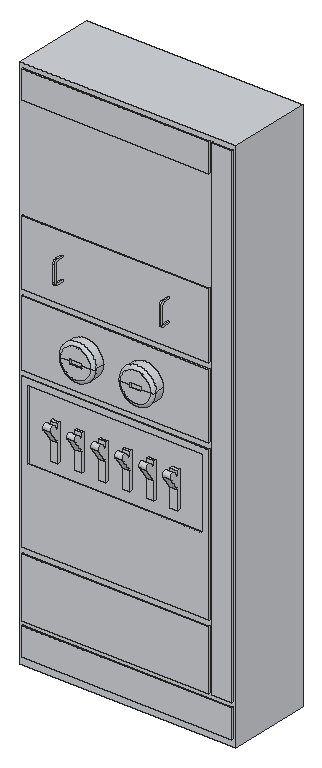
Revit family "cbe663f1ba3c41889f2ed42a92fd2af1", category Electrical Equipment, Revit 2021
Family settings
  Round Connector Dimension = Use Diameter
  Part Type = Switchboard
  OmniClass Number = 23.80.30.11.17
  OmniClass Title = Distribution Boards and Control Panels
  Seek Item ID = Utility Switchboard-0000-USA-ENU
  Work Plane-Based = No
  Always vertical = Yes
  Cut with Voids When Loaded = No
  Shared = No
  Room Calculation Point = No
Parameters (values of type "36"x16.25"")
  Switchboard Width = 1' - 4 1/4"
  Switchboard Voltage = 480 V
  Switchboard Material = none
  Switchboard Length = 3' - 0"
  Switchboard Height = 7' - 6"
  Switch Material = none
  built-in parameter 1140142 [instance] = -1
  Overall Height = if(Switchboard Height > 7' 6", Switchboard Height, 7' 6")  # 7' - 6"
  Number of Poles = 3
  built-in parameter 1155150 [instance] = (empty or 0)
  built-in parameter 1140140 [instance] = 1 (stored number, unit not read)
  Load Classification = Power
  Half Switchboard Length = 0.5 * Switchboard Length  # 1' - 6"
  built-in parameter 1155100 [instance] = -1
  Default Elevation = 0' - 0"
Types (3): name | Switchboard Width
  (no name) | 1' - 4 1/4"
  36"x26.25" | 2' - 2 1/4"
  36"x16.25" | 1' - 4 1/4"
Reference planes (in)
  plane 1 "Center (Front/Back)": y = 0
  plane 2: z = 0
  plane 3 "Center (Left/Right)": x = 0
  plane 4: y = -16.25
  plane 5: y = -14.25
  plane 6: y = -14
  plane 7: x = -18
  plane 8: x = 18
  plane 9: z = 90
  plane 10: x = -17.5
  plane 11: x = 17.5
  plane 12: z = 89.25
  plane 13: z = 84.5
  plane 14: z = 84
  plane 15: x = 14.25
  plane 16: x = 13.75
  plane 17: z = 1.25
  plane 18: z = 6
  plane 19: z = 6.75
  plane 20: z = 16.75
  plane 21: z = 17.75
  plane 22: z = 43.25
  plane 23: z = 44.25
  plane 24: z = 55.25
  plane 25: z = 56.25
  plane 26: z = 67.25
  plane 27: z = 49.75
  plane 28: z = 61.75
  plane 29: z = 42.25
  plane 30: z = 30.5
  plane 31: x = -16.5
  plane 32: x = 12.75
  plane 33: z = 32.5
  plane 34: x = -1.875
  plane 35: x = -3.875
  plane 36: x = 0.125
  plane 37: x = -7.875
  plane 38: x = 4.125
  plane 39: x = -11.875
  plane 40: x = 8.125
  plane 41: y = -7
  plane 42: x = -10.75
  plane 43: x = 7
  plane 44: x = -6.875
  plane 45: x = 3.125
Forms (in)
  Extrusion 1, solid, material <- "Switchboard Material"
    sketch origin (0, 0, 0) x (1, 0, 0) y (0, 1, 0)
      loop
        line (-18, 0) -> (-18, -14) -> (18, -14) -> (18, 0) -> (-18, 0)
    from 0 to 90
  Extrusion 2, solid, material <- "Switchboard Material"
    sketch origin (0, 0, 0) x (1, 0, 0) y (0, 0, 1)
      loop
        line (-17.5, 89.25) -> (-17.5, 84.5) -> (13.75, 84.5) -> (13.75, 89.25) -> (-17.5, 89.25)
      loop
        line (14.25, 89.25) -> (14.25, 6.75) -> (17.5, 6.75) -> (17.5, 89.25) -> (14.25, 89.25)
      loop
        line (-17.5, 6) -> (-17.5, 1.25) -> (17.5, 1.25) -> (17.5, 6) -> (-17.5, 6)
      loop
        line (13.75, 6.75) -> (13.75, 16.75) -> (-17.5, 16.75) -> (-17.5, 6.75) -> (13.75, 6.75)
      loop
        line (-17.5, 43.25) -> (-17.5, 17.75) -> (13.75, 17.75) -> (13.75, 43.25) -> (-17.5, 43.25)
      loop
        line (-17.5, 55.25) -> (-17.5, 44.25) -> (13.75, 44.25) -> (13.75, 55.25) -> (-17.5, 55.25)
      loop
        line (-17.5, 67.25) -> (-17.5, 56.25) -> (13.75, 56.25) -> (13.75, 67.25) -> (-17.5, 67.25)
    from 14 to 14.25
  Extrusion 3, void
    sketch origin (0, 0, 0) x (1, 0, 0) y (0, 0, 1)
      loop
        line (-16.5, 42.25) -> (-16.5, 30.5) -> (12.75, 30.5) -> (12.75, 42.25) -> (-16.5, 42.25)
    from 14 to 14.25
Cuts and joins
  Extrusion 3 cuts Extrusion 1
  Extrusion 3 cuts Extrusion 2
Dimensions and locks (in)
  "Switchboard Width": plane 1 "Center (Front/Back)" to plane 4
  locked: plane 5 to plane 4 at 2
  locked: plane 5 to plane 6 at 0.25
  "Half Switchboard Length": plane 7 to plane 3 "Center (Left/Right)"
  "Half Switchboard Length": plane 3 "Center (Left/Right)" to plane 8
  "Overall Height": plane 9 to plane 2
  locked: plane 10 to plane 7 at 0.5
  locked: plane 11 to plane 8 at 0.5
  locked: plane 9 to plane 12 at 0.75
  locked: plane 12 to plane 13 at 4.75
  locked: plane 13 to plane 14 at 0.5
  locked: plane 11 to plane 15 at 3.25
  locked: plane 15 to plane 16 at 0.5
  locked: plane 17 to plane 2 at 1.25
  locked: plane 18 to plane 17 at 4.75
  locked: plane 19 to plane 18 at 0.75
  locked: plane 20 to plane 19 at 10
  locked: plane 21 to plane 20 at 1
  locked: plane 22 to plane 21 at 25.5
  locked: plane 23 to plane 22 at 1
  locked: plane 24 to plane 23 at 11
  locked: plane 25 to plane 24 at 1
  locked: plane 26 to plane 25 at 11
  equal spacing: plane 24, plane 27, plane 23
  equal spacing: plane 26, plane 28, plane 25
  locked: plane 22 to plane 29 at 1
  equal spacing: plane 22, plane 30, plane 21
  locked: plane 31 to plane 10 at 1
  locked: plane 16 to plane 32 at 1
  locked: plane 33 to plane 30 at 2
  equal spacing: plane 32, plane 34, plane 31
  locked: plane 35 to plane 34 at 2
  locked: plane 34 to plane 36 at 2
  locked: plane 36 to plane 38 at 4
  locked: plane 37 to plane 35 at 4
  locked: plane 39 to plane 37 at 4
  locked: plane 38 to plane 40 at 4
  equal spacing: plane 1 "Center (Front/Back)", plane 41, plane 6
  locked: plane 34 to plane 42 at 8.875
  locked: plane 34 to plane 43 at 8.875
  locked: plane 34 to plane 44 at 5
  locked: plane 34 to plane 45 at 5
  aligned and locked: plane 7 to Extrusion 1 sketch curve
  aligned and locked: plane 1 "Center (Front/Back)" to Extrusion 1 sketch curve
  aligned and locked: plane 6 to Extrusion 1 sketch curve
  aligned and locked: plane 8 to Extrusion 1 sketch curve
  aligned and locked: Extrusion 1 to plane 2
  aligned and locked: plane 9 to Extrusion 1
  aligned and locked: plane 10 to Extrusion 2 sketch curve  (x6)
  aligned and locked: Extrusion 2 sketch curve to plane 12  (x2)
  aligned and locked: plane 13 to Extrusion 2 sketch curve
  aligned and locked: Extrusion 2 sketch curve to plane 16  (x5)
  aligned and locked: plane 15 to Extrusion 2 sketch curve  (x2)
  aligned and locked: plane 11 to Extrusion 2 sketch curve  (x2)
  aligned and locked: plane 19 to Extrusion 2 sketch curve  (x2)
  aligned and locked: Extrusion 2 sketch curve to plane 18
  aligned and locked: plane 17 to Extrusion 2 sketch curve
  aligned and locked: Extrusion 2 sketch curve to plane 20
  aligned and locked: plane 21 to Extrusion 2 sketch curve
  aligned and locked: Extrusion 2 sketch curve to plane 22
  aligned and locked: Extrusion 2 sketch curve to plane 24
  aligned and locked: plane 23 to Extrusion 2 sketch curve
  aligned and locked: Extrusion 2 sketch curve to plane 26
  aligned and locked: plane 25 to Extrusion 2 sketch curve
  aligned and locked: Extrusion 2 to plane 5
  aligned and locked: Extrusion 2 to plane 6
  aligned and locked: nested 1 to plane 5
  aligned and locked: nested 2 to plane 5
  aligned and locked: plane 27 to nested 1
  aligned and locked: plane 27 to nested 2
  aligned and locked: nested 3 to plane 5
  aligned and locked: nested 4 to plane 5
  aligned and locked: plane 28 to nested 3
  aligned and locked: plane 28 to nested 4
  aligned and locked: Extrusion 3 sketch curve to plane 29
  aligned and locked: Extrusion 3 sketch curve to plane 30
  aligned and locked: Extrusion 3 sketch curve to plane 32
  aligned and locked: plane 31 to Extrusion 3 sketch curve
  aligned and locked: Extrusion 3 to plane 5
  aligned and locked: Extrusion 3 to plane 6
  aligned and locked: plane 6 to nested 5
  aligned and locked: plane 33 to nested 5
  aligned and locked: plane 6 to nested 9
  aligned and locked: plane 6 to nested 8
  aligned and locked: plane 6 to nested 7
  aligned and locked: plane 6 to nested 6
  aligned and locked: plane 33 to nested 6
  aligned and locked: plane 33 to nested 7
  aligned and locked: plane 33 to nested 8
  aligned and locked: plane 33 to nested 9
  aligned and locked: plane 6 to nested 10
  aligned and locked: plane 33 to nested 10
  aligned and locked: nested 5 to plane 35
  aligned and locked: nested 9 to plane 36
  aligned and locked: nested 6 to plane 37
  aligned and locked: nested 10 to plane 38
  aligned and locked: nested 7 to plane 39
  aligned and locked: nested 8 to plane 40
  aligned and locked: plane 3 "Center (Left/Right)" to nested 11
  aligned and locked: nested 11 to plane 41
  aligned and locked: plane 42 to nested 3
  aligned and locked: nested 4 to plane 43
  aligned and locked: plane 44 to nested 1
  aligned and locked: nested 2 to plane 45
Nested families (in)
  nested 1: "Control A" at (-6.875, -14.25, 49.75), type "Control A", detail levels fine
  nested 2: "Control A" at (3.125, -14.25, 49.75), type "Control A", detail levels fine
  nested 3: "Control B" at (-10.75, -14.25, 61.75), type "Control B", detail levels fine
  nested 4: "Control B" at (7, -14.25, 61.75), type "Control B", detail levels fine
  nested 5: "Switch A" at (-3.875, -14, 32.5), type "Switch A", detail levels fine
  nested 6: "Switch A" at (-7.875, -14, 32.5), type "Switch A", detail levels fine
  nested 7: "Switch A" at (-11.875, -14, 32.5), type "Switch A", detail levels fine
  nested 8: "Switch A" at (8.125, -14, 32.5), type "Switch A", detail levels fine
  nested 9: "Switch A" at (0.125, -14, 32.5), type "Switch A", detail levels fine
  nested 10: "Switch A" at (4.125, -14, 32.5), type "Switch A", detail levels fine
  nested 11: "Switchboard Symbol" at (0, -7, 0), type "Switchboard Symbol", detail levels coarse+medium
Connectors (in)
  electrical at (0, -7, 90), driven by "Number of Poles", driven by "Switchboard Voltage", driven by "Load Classification"
    settings: on cut or joined group of Extrusion 1, Extrusion 3, index 1, voltage 480 V, apparent load 0 VA, apparent load phase1 0 VA, apparent load phase2 0 VA, apparent load phase3 0 VA, power factor 0.8, load classification "Power", number of poles 3, system type 31, power factor state 1, is connector primary yes, connector utility no, sub classification motor no, connector description ""
  cabletrayconduit at (0, -7, 90), diameter 24
    settings: on cut or joined group of Extrusion 1, Extrusion 3, index 2, connector width 1' - 0", connector height 1' - 0", connector angle 0.00°, system type 32, placement type 1, profile type 0, connector reference index -1, is primary connector yes, connector utility param no, connector description ""
  cabletrayconduit at (-18, -7, 45), diameter 24
    settings: on cut or joined group of Extrusion 1, Extrusion 3, index 3, connector width 1' - 0", connector height 1' - 0", connector angle 0.00°, system type 32, placement type 1, profile type 0, connector reference index -1, is primary connector no, connector utility param no, connector description ""
  cabletrayconduit at (18, -7, 45), diameter 24
    settings: on cut or joined group of Extrusion 1, Extrusion 3, index 4, connector width 1' - 0", connector height 1' - 0", connector angle 0.00°, system type 32, placement type 1, profile type 0, connector reference index -1, is primary connector no, connector utility param no, connector description ""
  cabletrayconduit at (0, 0, 45), diameter 24
    settings: on cut or joined group of Extrusion 1, Extrusion 3, index 5, connector width 1' - 0", connector height 1' - 0", connector angle 0.00°, system type 32, placement type 1, profile type 0, connector reference index -1, is primary connector no, connector utility param no, connector description ""
  cabletrayconduit at (0, -7, 0), diameter 24
    settings: on cut or joined group of Extrusion 1, Extrusion 3, index 6, connector width 1' - 0", connector height 1' - 0", connector angle 0.00°, system type 32, placement type 1, profile type 0, connector reference index -1, is primary connector no, connector utility param no, connector description ""
Definition of nested family "Control A"
  Parameters
    Meter Material = none
    Default Elevation = 0' - 0"
  Reference planes (in)
    plane 1 "Center (Front/Back)": y = 0
    plane 2: z = 0
    plane 3 "Center (Left/Right)": x = 0
    plane 4: y = -1.5
    plane 5: y = -2
    plane 6: x = 3
    plane 7: x = -3
    plane 8: x = 2.5
    plane 9: y = -1.75
    plane 10: x = -1
    plane 11: x = 1
    plane 12: z = -0.375
    plane 13: z = 0.375
  Forms (in)
    Revolve 1, solid, material <- "Meter Material", detail levels medium+fine
      sketch origin (0, 0, 0) x (1, 0, 0) y (0, 1, 0)
        loop
          line (0, 0) -> (0, -2) -> (2.5, -2)
          arc (2.5, -2) -> (2.85355, -1.85355) -> (3, -1.5) r 0.5
          line (3, -1.5) -> (3, 0) -> (0, 0)
        axis (0, 0) -> (0, -2)
      angle from 0 to 360
    Extrusion 2, void
      sketch origin (0, 0, 0) x (1, 0, 0) y (0, 0, 1)
        loop
          line (-1, 0.375) -> (-1, -0.375) -> (1, -0.375) -> (1, 0.375) -> (-1, 0.375)
      from 1.75 to 2
  Cuts and joins
    Extrusion 2 cuts Revolve 1
  Dimensions and locks (in)
    locked: plane 1 "Center (Front/Back)" to plane 4 at 1.5
    locked: plane 4 to plane 5 at 0.5
    locked: plane 3 "Center (Left/Right)" to plane 6 at 3
    locked: plane 7 to plane 3 "Center (Left/Right)" at 3
    locked: plane 8 to plane 6 at 0.5
    locked: plane 9 to plane 5 at 0.25
    locked: plane 3 "Center (Left/Right)" to plane 10 at 1
    locked: plane 11 to plane 3 "Center (Left/Right)" at 1
    locked: plane 13 to plane 2 at 0.375
    locked: plane 2 to plane 12 at 0.375
    radius of Revolve 1 sketch curve = 0' - 0 1/2"
    aligned and locked: plane 8 to Revolve 1 sketch curve
    aligned and locked: plane 4 to Revolve 1 sketch curve
    aligned and locked: Revolve 1 sketch curve to plane 6
    aligned and locked: plane 1 "Center (Front/Back)" to Revolve 1 sketch curve  (x3)
    aligned and locked: plane 3 "Center (Left/Right)" to Revolve 1 sketch curve  (x3)
    aligned and locked: plane 5 to Revolve 1 sketch curve  (x2)
    aligned and locked: plane 6 to Revolve 1 sketch curve  (x2)
    aligned and locked: Revolve 1 sketch curve to plane 3 "Center (Left/Right)"
    aligned and locked: plane 10 to Extrusion 2 sketch curve
    aligned and locked: Extrusion 2 sketch curve to plane 13
    aligned and locked: plane 12 to Extrusion 2 sketch curve
    aligned and locked: Extrusion 2 sketch curve to plane 11
    aligned and locked: plane 9 to Extrusion 2
    aligned and locked: Extrusion 2 to plane 5
Definition of nested family "Control B"
  Parameters
    Meter Material = none
    Default Elevation = 0' - 0"
  Reference planes (in)
    plane 1 "Center (Front/Back)": y = 0
    plane 2: z = 0
    plane 3 "Center (Left/Right)": x = 0
    plane 4: y = -1.125
    plane 5: z = 1.3125
    plane 6: z = -1.3125
    plane 7: z = 1.6875
    plane 8: z = -1.6875
    plane 9: z = 1.9375
    plane 10: z = -1.9375
    plane 11: y = -1.5
    plane 12: y = -1.75
    plane 13: x = 0.125
    plane 14: x = -0.125
  Forms (in)
    Extrusion 1, solid, material <- "Meter Material", detail levels medium+fine
      sketch origin (0, 0, 0) x (0, 1, 0) y (0, 0, 1)
        loop
          line (0, 1.6875) -> (0, 1.9375) -> (-1.125, 1.9375)
          arc (-1.125, 1.9375) -> (-1.56694, 1.75444) -> (-1.75, 1.3125) r 0.625
          line (-1.75, 1.3125) -> (-1.75, -1.3125)
          arc (-1.75, -1.3125) -> (-1.56694, -1.75444) -> (-1.125, -1.9375) r 0.625
          line (-1.125, -1.9375) -> (0, -1.9375) -> (0, -1.6875) -> (-1.125, -1.6875)
          arc (-1.125, -1.6875) -> (-1.39017, -1.57767) -> (-1.5, -1.3125) r 0.375
          line (-1.5, -1.3125) -> (-1.5, 1.3125)
          arc (-1.5, 1.3125) -> (-1.39017, 1.57767) -> (-1.125, 1.6875) r 0.375
          line (-1.125, 1.6875) -> (0, 1.6875)
      from -0.125 to 0.125
  Dimensions and locks (in)
    locked: plane 1 "Center (Front/Back)" to plane 4 at 1.125
    locked: plane 5 to plane 2 at 1.3125
    locked: plane 6 to plane 2 at 1.3125
    locked: plane 7 to plane 5 at 0.375
    locked: plane 6 to plane 8 at 0.375
    locked: plane 9 to plane 7 at 0.25
    locked: plane 8 to plane 10 at 0.25
    locked: plane 4 to plane 11 at 0.375
    locked: plane 11 to plane 12 at 0.25
    locked: plane 14 to plane 3 "Center (Left/Right)" at 0.125
    locked: plane 3 "Center (Left/Right)" to plane 13 at 0.125
    aligned and locked: plane 4 to Extrusion 1 sketch curve  (x10)
    aligned and locked: plane 5 to Extrusion 1 sketch curve  (x3)
    aligned and locked: Extrusion 1 sketch curve to plane 11
    aligned and locked: plane 6 to Extrusion 1 sketch curve  (x5)
    aligned and locked: Extrusion 1 sketch curve to plane 8
    aligned and locked: plane 1 "Center (Front/Back)" to Extrusion 1 sketch curve  (x4)
    aligned and locked: Extrusion 1 sketch curve to plane 1 "Center (Front/Back)"  (x2)
    aligned and locked: plane 9 to Extrusion 1 sketch curve
    aligned and locked: plane 7 to Extrusion 1 sketch curve
    aligned and locked: plane 8 to Extrusion 1 sketch curve
    aligned and locked: plane 10 to Extrusion 1 sketch curve
    aligned and locked: Extrusion 1 sketch curve to plane 9
    aligned and locked: Extrusion 1 sketch curve to plane 10
    aligned and locked: Extrusion 1 sketch curve to plane 12
    aligned and locked: Extrusion 1 to plane 14
    aligned and locked: plane 13 to Extrusion 1
Definition of nested family "Switch A"
  Parameters
    Swtich Material = none
    Default Elevation = 0' - 0"
  Reference planes (in)
    plane 1 "Center (Front/Back)": y = 0
    plane 2: z = 0
    plane 3 "Center (Left/Right)": x = 0
    plane 4: z = 6
    plane 5: y = -0.5
    plane 6: z = 4.875
    plane 7: x = -0.625
    plane 8: x = 0.625
  Forms (in)
    Extrusion 1, solid, material <- "Swtich Material"
      sketch origin (0, 0, 0) x (0, 1, 0) y (0, 0, 1)
        loop
          line (0, 6) -> (-0.5, 6) -> (-0.5, 4.875) -> (-1.12909, 5.80767)
          arc (-1.12909, 5.80767) -> (-1.82321, 5.94259) -> (-1.95813, 5.24847) r 0.5
          line (-1.95813, 5.24847) -> (-0.5, 3.08671) -> (-0.5, 0) -> (0, 0) -> (0, 6)
      from -0.625 to 0.625
  Dimensions and locks (in)
    locked: plane 4 to plane 2 at 6
    locked: plane 1 "Center (Front/Back)" to plane 5 at 0.5
    locked: plane 4 to plane 6 at 1.125
    locked: Extrusion 1 sketch curve to Extrusion 1 sketch curve at 1.125
    locked: Extrusion 1 sketch curve to Extrusion 1 sketch curve at 1
    locked: plane 7 to plane 3 "Center (Left/Right)" at 0.625
    locked: plane 3 "Center (Left/Right)" to plane 8 at 0.625
    locked: Extrusion 1 sketch curve to Extrusion 1 sketch curve (angle 146.00°)
    aligned and locked: plane 4 to Extrusion 1 sketch curve
    aligned and locked: Extrusion 1 sketch curve to plane 2
    aligned and locked: plane 5 to Extrusion 1 sketch curve
    aligned and locked: Extrusion 1 sketch curve to plane 1 "Center (Front/Back)"
    aligned and locked: Extrusion 1 sketch curve to Extrusion 1 sketch curve
    aligned and locked: Extrusion 1 to plane 7
    aligned and locked: plane 8 to Extrusion 1
Definition of nested family "Switchboard Symbol"
  Reference planes (in)
    plane 1: y = 0
    plane 2: x = 0
  Text (in)
    text "SB" at (-0.08686, 0.07572, 0)
